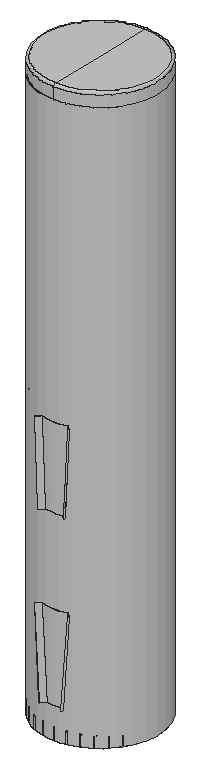
Revit family "QF_Vollrath_LD3-2", category Specialty Equipment, Revit 2016
Family settings
  Part Type = Normal
  Round Connector Dimension = Use Diameter
  OmniClass Number = 23.40.40.00
  OmniClass Title = Food Service Equipment and Furnishings
  Work Plane-Based = Yes
  Always vertical = Yes
  Cut with Voids When Loaded = No
  Shared = No
  Room Calculation Point = No
Parameters
  Width = 5 1/16"
  Weight in Pounds = 0
  Watermarked By = ""
  URL Cutsheet = ""
  Specification by User [instance] = ""
  Specification by Manufacturer [instance] = ""
  Serial Number [instance] = ""
  Revision Code [instance] = ""
  NAFEM Spec ID Number [instance] = ""
  Model = "LD3-2"
  Masterspec [instance] = ""
  Manufacturer = "Vollrath"
  Item Number [instance] = "-"
  Installed By [instance] = ""
  Height = 25 1/2"
  Furnished By [instance] = ""
  Foodservice Equipment Identifier = yes
  Description = "Lid Dispenser"
  Depth = 5 1/16"
  Default Elevation = 48"
  CSI MasterFormat = ""
Reference planes (in)
  plane 1 "BACK": y = 0
  plane 2 "BOTTOM": z = 0
  plane 3 "LEFT": x = -16.56573
  plane 4 "RIGHT": x = -11.50323
  plane 5 "FRONT": y = -5.0625
  plane 6 "TOP": z = 25.5
  plane 7: z = 24.91
  plane 8: z = 12.9818
  plane 9 "Middle Bottom": z = 12.3918
  plane 10: z = 0.59
  plane 11: z = 18.9459
  plane 12: z = 6.4909
  plane 13: y = -0.22333
  plane 14 "CNTR LR": x = -14.03448
  plane 15 "CNTR FB": y = -2.53125
  plane 16: x = -16.34573
  plane 17: x = -12.45239
  plane 18 "Bottom Screw 1": z = 1.375
  plane 19 "Bottom of Screw 2": z = 5.125
  plane 20 "Top Screw 1": z = 8.875
  plane 21 "Top Screw 2": z = 12.625
Forms (in)
  Extrusion 1, solid, material "QF_Stainless-Polished"
    sketch origin (0, 0, 0) x (1, 0, 0) y (0, 1, 0)
      loop
        line (-15.42573, -0.40229) -> (-15.42573, -0.43813)
        arc (-15.42573, -0.43813) -> (-14.03448, -5.04456) -> (-12.64323, -0.43813) r 2.51331
        line (-12.64323, -0.43813) -> (-12.64323, -0.40229)
        arc (-12.64323, -0.40229) -> (-14.03448, -5.07449) -> (-15.42573, -0.40229) r 2.54324
    from 0 to 24.91
  Revolve 2, solid, material "QF_Stainless-Polished"
    sketch origin (-14.03448, 0, 0) x (0, 1, 0) y (0, 0, 1)
      loop
        line (-0.1, 25.5) -> (-2.53125, 25.5) -> (-2.53125, 24.91) -> (0, 24.91) -> (0, 25.4)
        arc (0, 25.4) -> (-0.02929, 25.47071) -> (-0.1, 25.5) r 0.1
      axis (-2.53125, 24.91) -> (-2.53125, 25.5)
    angle from 0 to 360
  Revolve 3, solid, material "QF_Stainless-Polished"
    sketch origin (-14.03448, 0, 0) x (0, 1, 0) y (0, 0, 1)
      loop
        line (-0.1, 12.9818) -> (-2.53125, 12.9818) -> (-2.53125, 12.3918) -> (0, 12.3918) -> (0, 12.8818)
        arc (0, 12.8818) -> (-0.02929, 12.95251) -> (-0.1, 12.9818) r 0.1
      axis (-2.53125, 12.3918) -> (-2.53125, 12.9818)
    angle from 0 to 360
  Revolve 4, solid, material "QF_Stainless-Polished"
    sketch origin (-14.03448, 0, 0) x (0, 1, 0) y (0, 0, 1)
      loop
        line (-0.1, 0.59) -> (-2.53125, 0.59) -> (-2.53125, 0) -> (0, 0) -> (0, 0.49)
        arc (0, 0.49) -> (-0.02929, 0.56071) -> (-0.1, 0.59) r 0.1
      axis (-2.53125, 0) -> (-2.53125, 0.59)
    angle from 0 to 360
  Blend 5, solid, material "QF_Stainless-Polished"
    base sketch origin (0, 0, 1.375) x (0, 1, 0) y (-1, 0, 0)
      loop
        line (-5.04123, 14.3447) -> (-5.231, 14.5402)
        arc (-5.231, 14.5402) -> (-5.23503, 14.52009) -> (-5.2389, 14.49994) r 2.52395
        line (-5.2389, 14.49994) -> (-5.07324, 14.33429)
        arc (-5.07324, 14.33429) -> (-5.09258, 14.03448) -> (-5.07324, 13.73466) r 2.33434
        line (-5.07324, 13.73466) -> (-5.2389, 13.56901)
        arc (-5.2389, 13.56901) -> (-5.23503, 13.54887) -> (-5.231, 13.52875) r 2.52395
        line (-5.231, 13.52875) -> (-5.04123, 13.72425)
        arc (-5.04123, 13.72425) -> (-5.06221, 14.03448) -> (-5.04123, 14.3447) r 2.30398
    top sketch origin (0, 0, 1.375) x (0, 1, 0) y (-1, 0, 0)
      loop
        arc (-5.17485, 14.78407) -> (-5.1798, 14.76777) -> (-5.18465, 14.75144) r 2.54735
        line (-5.18465, 14.75144) -> (-5.0264, 14.5932)
        arc (-5.0264, 14.5932) -> (-5.09369, 14.03448) -> (-5.0264, 13.47576) r 2.35341
        line (-5.0264, 13.47576) -> (-5.18465, 13.31751)
        arc (-5.18465, 13.31751) -> (-5.1798, 13.30118) -> (-5.17485, 13.28489) r 2.54735
        line (-5.17485, 13.28489) -> (-4.99333, 13.4664)
        arc (-4.99333, 13.4664) -> (-5.06385, 14.03448) -> (-4.99333, 14.60255) r 2.32357
        line (-4.99333, 14.60255) -> (-5.17485, 14.78407)
    from 0 to 3.75
  Blend 6, solid, material "QF_Stainless-Polished"
    base sketch origin (0, 0, 8.875) x (0, 1, 0) y (-1, 0, 0)
      loop
        arc (-5.0616, 14.41762) -> (-5.09309, 14.03448) -> (-5.0616, 13.65134) r 2.3465
        line (-5.0616, 13.65134) -> (-5.22725, 13.48568)
        arc (-5.22725, 13.48568) -> (-5.22337, 13.4684) -> (-5.21936, 13.45115) r 2.54064
        line (-5.21936, 13.45115) -> (-5.02959, 13.64092)
        arc (-5.02959, 13.64092) -> (-5.06326, 14.03448) -> (-5.02959, 14.42803) r 2.31667
        line (-5.02959, 14.42803) -> (-5.21936, 14.6178)
        arc (-5.21936, 14.6178) -> (-5.22337, 14.60055) -> (-5.22725, 14.58327) r 2.54064
        line (-5.22725, 14.58327) -> (-5.0616, 14.41762)
    top sketch origin (0, 0, 8.875) x (0, 1, 0) y (-1, 0, 0)
      loop
        line (-5.18465, 14.75144) -> (-5.0264, 14.5932)
        arc (-5.0264, 14.5932) -> (-5.09369, 14.03448) -> (-5.0264, 13.47576) r 2.35341
        line (-5.0264, 13.47576) -> (-5.18465, 13.31751)
        arc (-5.18465, 13.31751) -> (-5.1798, 13.30118) -> (-5.17485, 13.28489) r 2.54735
        line (-5.17485, 13.28489) -> (-4.99333, 13.4664)
        arc (-4.99333, 13.4664) -> (-5.06385, 14.03448) -> (-4.99333, 14.60255) r 2.32357
        line (-4.99333, 14.60255) -> (-5.17485, 14.78407)
        arc (-5.17485, 14.78407) -> (-5.1798, 14.76777) -> (-5.18465, 14.75144) r 2.54735
    from 0 to 3.5168
Cuts and joins
  joined: Extrusion 1, Revolve 3
Lines and regions (in)
  symbolic lines
    curve 1: circle (-14.03448, -2.53125, 8.875) r 2.53125 normal (0, 0, 1)
  symbolic lines, style "QF_Details_Surface"
    curve 2: line (-14.59316, -4.99333, 8.875) -> (-14.77449, -5.17466, 8.875)
    curve 3: line (-14.74205, -5.18465, 8.875) -> (-14.5838, -5.0264, 8.875)
    curve 4: arc (-14.5838, -5.0264, 8.875) -> (-14.03448, -5.09148, 8.875) -> (-13.48515, -5.0264, 8.875) r 2.3512
    curve 5: line (-13.48515, -5.0264, 8.875) -> (-13.3269, -5.18465, 8.875)
    curve 6: line (-13.29353, -5.1756, 8.875) -> (-13.47579, -4.99333, 8.875)
    curve 7: line (-14.74205, -5.18465, 8.875) -> (-14.77449, -5.17466, 8.875)
    curve 8: line (-13.3269, -5.18465, 8.875) -> (-13.29353, -5.1756, 8.875)
Dimensions and locks (in)
  "Width": plane 3 "LEFT" to plane 4 "RIGHT"
  "Depth": plane 5 "FRONT" to plane 1 "BACK"
  "Height": plane 6 "TOP" to plane 2 "BOTTOM"
  locked: plane 6 "TOP" to plane 7 at 0.59
  locked: plane 8 to plane 9 "Middle Bottom" at 0.59
  locked: plane 10 to level at 0.59
  equal spacing: plane 7, plane 11, plane 8
  equal spacing: plane 9 "Middle Bottom", plane 12, plane 10
  equal spacing: plane 3 "LEFT", plane 14 "CNTR LR", plane 4 "RIGHT"
  equal spacing: plane 5 "FRONT", plane 15 "CNTR FB", plane 1 "BACK"
  locked: plane 18 "Bottom Screw 1" to level at 1.375
  locked: plane 19 "Bottom of Screw 2" to plane 18 "Bottom Screw 1" at 3.75
  locked: plane 20 "Top Screw 1" to plane 19 "Bottom of Screw 2" at 3.75
  locked: plane 21 "Top Screw 2" to plane 20 "Top Screw 1" at 3.75
  aligned and locked: level to plane 2 "BOTTOM"
  aligned and locked: plane 7 to Extrusion 1
  aligned and locked: Revolve 2 sketch curve to Revolve 2 sketch curve
  aligned and locked: plane 8 to Revolve 3 sketch curve
  aligned and locked: Revolve 3 sketch curve to plane 1 "BACK"
  aligned and locked: Revolve 3 sketch curve to plane 9 "Middle Bottom"
  aligned and locked: Revolve 3 sketch curve to Revolve 3 sketch curve
  aligned and locked: plane 7 to Revolve 2 sketch curve
  aligned and locked: Revolve 2 sketch curve to plane 15 "CNTR FB"
  aligned and locked: Revolve 2 sketch curve to plane 6 "TOP"
  aligned and locked: plane 1 "BACK" to Revolve 2 sketch curve
  aligned and locked: plane 10 to Revolve 4 sketch curve
  aligned and locked: Revolve 4 sketch curve to plane 1 "BACK"
  aligned and locked: Extrusion 1 to Revolve 4 sketch curve
  aligned and locked: Revolve 4 sketch curve to Revolve 4 sketch curve
  aligned and locked: plane 19 "Bottom of Screw 2" to Blend 5
Automatic sketch dimensions
  Revolve 2 sketch curve to plane 7 = 0"
  Revolve 2 sketch curve to plane 6 "TOP" = 0"
  Revolve 2 sketch curve to plane 6 "TOP" = 0.1"
  Revolve 3 sketch curve to plane 9 "Middle Bottom" = 0"
  Revolve 3 sketch curve to plane 8 = 0"
  Revolve 3 sketch curve to Revolve 3 sketch curve = 0.1"
  Revolve 4 sketch curve to level = 0"
  Revolve 4 sketch curve to plane 10 = 0"
  plane 1 "BACK" to Revolve 4 sketch curve = 0.1"
  Blend 5 sketch curve to plane 14 "CNTR LR" = 0"  (x2)
  plane 15 "CNTR FB" to Blend 5 sketch curve = 0.22699"
  plane 5 "FRONT" to Blend 5 sketch curve = 0.1685"  (x2)
  Blend 5 sketch curve to Blend 5 sketch curve = 0.03201"  (x2)
  Blend 5 sketch curve to Blend 5 sketch curve = 0.01041"  (x2)
  Blend 5 sketch curve to Blend 5 sketch curve = 0"  (x12)
  Blend 5 sketch curve to Blend 5 sketch curve = 0.16565"
  Blend 5 sketch curve to Blend 5 sketch curve = 0.00789"  (x2)
  plane 5 "FRONT" to Blend 5 sketch curve = 0.01074"
  Blend 5 sketch curve to Blend 5 sketch curve = 0.15524"
  plane 14 "CNTR LR" to Blend 5 sketch curve = 0.29981"
  plane 5 "FRONT" to Blend 5 sketch curve = 0.11235"
  Blend 5 sketch curve to Blend 5 sketch curve = 0.00981"  (x2)
  Blend 5 sketch curve to Blend 5 sketch curve = 0.03307"  (x2)
  Blend 5 sketch curve to Blend 5 sketch curve = 0.00936"  (x2)
  Blend 5 sketch curve to Blend 5 sketch curve = 0.03262"  (x2)
  plane 15 "CNTR FB" to Blend 5 sketch curve = 0.20903"
  Blend 5 sketch curve to Blend 5 sketch curve = 0.15825"  (x2)
  plane 5 "FRONT" to Blend 5 sketch curve = 0.12215"
  Blend 6 sketch curve to plane 14 "CNTR LR" = 0"  (x2)
  Blend 6 sketch curve to Blend 6 sketch curve = 0.03201"  (x2)
  Blend 6 sketch curve to Blend 6 sketch curve = 0.00789"  (x2)
  Blend 6 sketch curve to Blend 6 sketch curve = 0.01041"
  Blend 6 sketch curve to Blend 6 sketch curve = 0.16565"  (x3)
  Blend 6 sketch curve to Blend 6 sketch curve = 0.03453"  (x2)
  Blend 6 sketch curve to Blend 6 sketch curve = 0"  (x12)
  plane 5 "FRONT" to Blend 6 sketch curve = 0.16475"  (x2)
  plane 15 "CNTR FB" to Blend 6 sketch curve = 0.21534"
  plane 15 "CNTR FB" to Blend 6 sketch curve = 0.20903"
  Blend 6 sketch curve to Blend 6 sketch curve = 0.03307"  (x2)
  Blend 6 sketch curve to plane 5 "FRONT" = 0.0361"
  plane 5 "FRONT" to Blend 6 sketch curve = 0.11235"
  Blend 6 sketch curve to Blend 6 sketch curve = 0.00981"  (x2)
  Blend 6 sketch curve to Blend 6 sketch curve = 0.00936"  (x2)
  Blend 6 sketch curve to Blend 6 sketch curve = 0.03262"  (x2)
  plane 5 "FRONT" to Blend 6 sketch curve = 0.12215"
  Blend 6 sketch curve to Blend 6 sketch curve = 0.14889"
  Revolve 4 sketch curve to plane 15 "CNTR FB" = 0"
  Revolve 3 sketch curve to plane 15 "CNTR FB" = 0"
  Extrusion 1 sketch curve to Extrusion 1 sketch curve = 0"  (x2)
  Extrusion 1 sketch curve to plane 14 "CNTR LR" = 0"
  plane 15 "CNTR FB" to Extrusion 1 sketch curve = 0"
  plane 13 to Extrusion 1 sketch curve = 0.2148"  (x2)
  plane 1 "BACK" to Extrusion 1 sketch curve = 0.40229"
  plane 16 to Extrusion 1 sketch curve = 0.92"
  curve 4 to plane 14 "CNTR LR" = 0"
  curve 1 to plane 14 "CNTR LR" = 0"
  plane 15 "CNTR FB" to curve 1 = 0"
  curve 4 to curve 1 = 0.20903"
  curve 5 to plane 5 "FRONT" = 0.0361"
  curve 3 to plane 5 "FRONT" = 0.0361"
  plane 5 "FRONT" to curve 7 = 0.11216"
  plane 5 "FRONT" to curve 8 = 0.1131"
  curve 7 to curve 2 = 0.00999"
  curve 5 to curve 6 = 0.00906"
  plane 14 "CNTR LR" to curve 5 = 0.54933"
  curve 8 to curve 5 = 0.15825"
  curve 8 to curve 5 = 0.03337"
  curve 3 to curve 7 = 0.15825"
  curve 3 to curve 2 = 0.03244"
  curve 5 to curve 6 = 0.03307"
  curve 3 to curve 2 = 0.03307"
  curve 6 to curve 5 = 0.00936"
  curve 3 to curve 2 = 0.00936"
  radius of curve 1 = 2 17/32"
